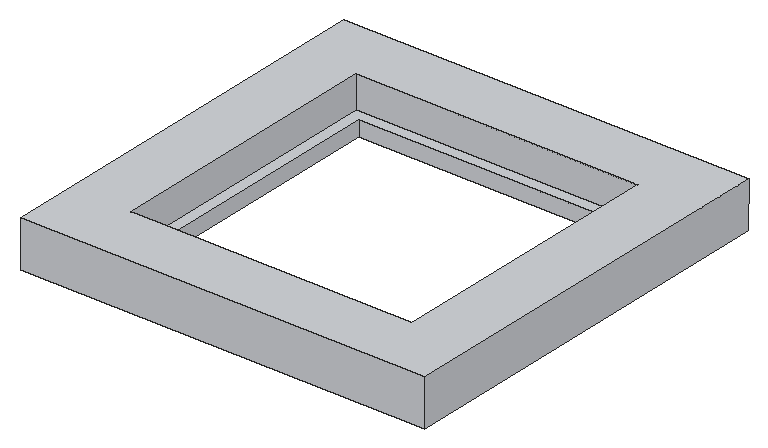
Revit family "Gira_021109", category Electrical Fixtures, host Face, Revit 2017
Family settings
  Host = Face
  Maintain Annotation Orientation = No
  Round Connector Dimension = Use Diameter
  Part Type = Normal
  Cut with Voids When Loaded = No
  Shared = No
  Room Calculation Point = No
Parameters (values of type "Abdeckrahmen 1f Gira E2 Schwarz m")
  Werkstoffgüte = "Thermoplast"
  Werkstoff = "Kunststoff"
  URL = "http://katalog.gira.de/de_DE/datenblatt.html?artikelnr=021109"
  Transparent = "No"
  Textfeld/Beschriftungsfläche = "No"
  Schutzart (IP) = "IP20"
  Region = "DE"
  Oberfläche = "sonstige"
  Name = "Abdeckrahmen 1f Gira E2 Schwarz m"
  Montagerichtung = "horizontal und vertikal"
  Mit Montagerahmen = "No"
  Mit Klappdeckel = "No"
  Manufacturer URL = "https://www.gira.de/"
  Keynote = "E2_Rahmen_1fach"
  HeinzeBIM = "https://bimportal.heinze.de/bim/abdeckrahmen-1f-gira-e2-schwarz-m/f13dd3c9629f6874bdc9e4e08db9d5aaf34a9a65"
  Halogenfrei = "Yes"
  HAN = "021109"
  Geeignet für Unterputz-Installation = "Yes"
  Geeignet für Unterflurkanaldose = "No"
  Geeignet für Geräteeinbaukanal = "No"
  Geeignet für Einbauinstallation = "No"
  GTIN = "4010337036739"
  Farbe = "schwarz"
  Default Elevation = 1219.2 mm
  Data sheet (1) = "https://katalog.gira.de/de_DE/download.html?artikelnr=021109"
  Category = "Abdeckrahmen"
  Befestigungsart = "Klemmbefestigung"
  Available = "Yes"
  Ausführung der Oberfläche = "matt"
  Anzahl der Einheiten vertikal = "1 "
  Anzahl der Einheiten horizontal = "1 "
  Anzahl der Einheiten = "1 "
Reference planes
  plane 1 "Center (Front/Back)": y = 0
  plane 2: z = 0
  plane 3 "Center (Left/Right)": x = 0
Forms (mm)
  Extrusion 1, solid, detail levels fine
    sketch origin (0, 0, 0) x (1, 0, 0) y (0, 1, 0)
      loop
        line (40.4, 40.4) -> (-40.4, 40.4) -> (-40.4, -40.4) -> (40.4, -40.4) -> (40.4, 40.4)
      loop
        line (-28.152, 28.1) -> (-28.152, -28.152) -> (28.1, -28.152) -> (28.1, 28.1) -> (-28.152, 28.1)
    from 0 to 9.3
  Extrusion 2, solid, detail levels fine
    sketch origin (0, 0, 0) x (1, 0, 0) y (0, 1, 0)
      loop
        line (-28.152, -28.152) -> (28.1, -28.152) -> (28.1, 28.1) -> (-28.152, 28.1) -> (-28.152, -28.152)
      loop
        line (25.7, -25.7) -> (25.7, 25.7) -> (-25.7, 25.7) -> (-25.7, -25.7) -> (25.7, -25.7)
    from 0 to 3
  Extrusion 3, solid, detail levels coarse+medium
    sketch origin (0, 0, 0) x (1, 0, 0) y (0, 1, 0)
      loop
        line (40.4, 40.4) -> (-40.4, 40.4) -> (-40.4, -40.4) -> (40.4, -40.4) -> (40.4, 40.4)
    from 0 to 9.3
Dimensions and locks
  aligned and locked: plane 2 to host face
  aligned and locked: level to host face
